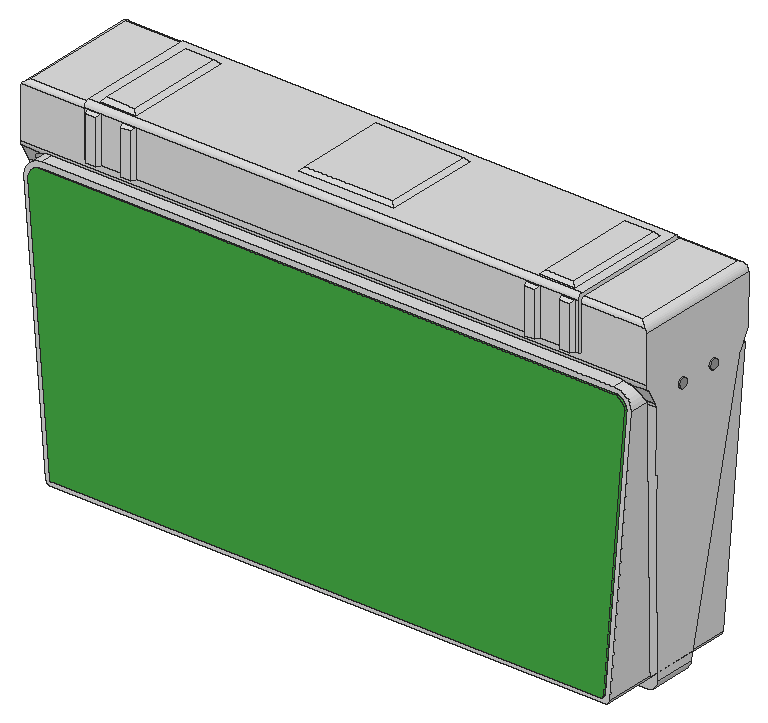
Revit family "Cleverfit Exit_R16", category Lighting Fixtures, Revit 2016
Family settings
  Part Type = Normal
  Round Connector Dimension = Use Diameter
  Work Plane-Based = Yes
  Always vertical = Yes
  Cut with Voids When Loaded = No
  Light Source = Yes
  Shared = No
  Room Calculation Point = No
Parameters (values of type "ECFLED")
  Width = 80 mm
  Wattage Comments = "Standby"
  Wattage = 1.22 W
  built-in parameter 1150110 = 1 (stored number, unit not read)
  Viewing Distance = 24000 mm
  built-in parameter 1114217 = 1 (stored number, unit not read)
  Tilt Angle = 90.00°
  Testing System = "Manual Test Switch"
  built-in parameter 1150109 = 1 (stored number, unit not read)
  built-in parameter 1150134 = 3
  built-in parameter 1150113 = 1 (stored number, unit not read)
  Single Sided = yes
  Sign Direction = Sign : Exit
  Power Consumption = 1.22 W
  Photometric Web File = "ll17785 - ECFLED-A5S Nichia NSSW157AT.ies"
  Operating Voltage = 240 V
  Operating Mode = "Maintained"
  Mounting = "Wall, Ceiling Single-Sided & Ceiling Double-Sided"
  Model = "ZCFLED"
  Manufacturer = "Clevertronics"
  built-in parameter 1150105 = 2.1262 (stored number, unit not read)
  Lumens = 26.718 lm
  built-in parameter 1150115 = 1 (stored number, unit not read)
  built-in parameter 1150137 = (empty or 0)
  built-in parameter 1150139 = (empty or 0)
  Length = 355 mm
  built-in parameter 1150112 = 1 (stored number, unit not read)
  built-in parameter 1150114 = 1 (stored number, unit not read)
  Lamp = "6 x high intensity, low energy LED, surface mounted onto a replaceable lamp bar - 100,000hour"
  built-in parameter 1150132 = (empty or 0)
  built-in parameter 1150102 = (empty or 0)
  built-in parameter 1150107 = 3200 (stored number, unit not read)
  built-in parameter 1150138 = (empty or 0)
  built-in parameter 1150106 = 0.021262 (stored number, unit not read)
  Height = 215 mm
  Emit from Circle Diameter = Length  # 355 mm
  Emit Shape Visible in Rendering = no
  built-in parameter 1150104 = 2.0346 (stored number, unit not read)
  Double Sided = yes
  Dimming Lamp Color Temperature Shift = <None>
  Diffuser = "All directional inserts included in the box"
  Description = "Theatre Cleverfit Exit"
  Default Elevation = 1219.2 mm
  Content Disclaimer = ""
  Color Filter = 16777215
  Charging Method = "Dual Rate"
  built-in parameter 1114218 = 1 (stored number, unit not read)
  Ballast = "Electronic"
  built-in parameter 1150133 = 10 (stored number, unit not read)
  Apparent Load = 1.22 W
  Annotation Direction = Exit_Annotation : Double Sided Direction Exit Luminaire
  AS2293 = "C0=E2.5  C90=E2"
Types (3, lengths in mm): name | Wattage | Testing System | Power Consumption | Photometric Web File | built-in parameter 1150105 | Lumens | built-in parameter 1150106 | built-in parameter 1150104 | Apparent Load | AS2293
  (no name) | 1.22 W | "Manual Test Switch" | 1.22 W | "ll17785 - ECFLED-A5S Nichia NSSW157AT.ies" | 2.1262 (stored number, unit not read) | 26.718 lm | 0.021262 (stored number, unit not read) | 2.0346 (stored number, unit not read) | 1.22 W | "C0=E2.5  C90=E2"
  ZCFLED | 9.2903 W | "Zoneworks Computerised Testing" | 3.8 W | "Premium Cleverfit LED Exit Zoneworks.ies" | 109.82 (stored number, unit not read) | 1380 lm | 1.0982 (stored number, unit not read) | 13.8 (stored number, unit not read) | 3.8 W | "C0=E1.6 C90=E1.6"
  ECFLED | 1.22 W | "Manual Test Switch" | 1.22 W | "ll17785 - ECFLED-A5S Nichia NSSW157AT.ies" | 2.1262 (stored number, unit not read) | 26.718 lm | 0.021262 (stored number, unit not read) | 2.0346 (stored number, unit not read) | 1.22 W | "C0=E2.5  C90=E2"
Reference planes
  plane 1 "Center (Front/Back)": y = 0
  plane 2: z = 0
  plane 3 "Center (Left/Right)": x = 0
  plane 4: y = -40
  plane 5 "Side": y = 40
  plane 6: x = -177.5
  plane 7: x = 177.5
  plane 8: z = -215
  plane 9 "Side 2": y = 36
  plane 10 "Side 3": y = -36
  plane 11: x = -172.5
  plane 12: x = 172.5
  plane 13 "Top": z = -4
  plane 14: z = -37
  plane 15: z = -2
  plane 16 "Side 5": y = -37.5
Forms (mm)
  Extrusion 1, solid, material "Plastic - Polycarbonate - White", detail levels fine
    sketch origin (0, 0, 0) x (1, 0, 0) y (0, 0, 1)
      loop
        arc (-172.558, -4) -> (-176.077, -5.448) -> (-177.558, -8.954) r 5
        arc (-177.558, -8.954) -> (-174.769, -105.065) -> (-164.656, -200.684) r 1259.541
        arc (-164.656, -200.684) -> (-162.42, -205.028) -> (-157.984, -207.073) r 7.5
        arc (-157.984, -207.073) -> (-0.003, -215) -> (157.979, -207.073) r 1578.224
        arc (157.979, -207.073) -> (162.415, -205.028) -> (164.651, -200.684) r 7.5
        arc (164.651, -200.684) -> (174.763, -105.065) -> (177.553, -8.954) r 1259.541
        arc (177.553, -8.954) -> (176.072, -5.448) -> (172.553, -4) r 5
        line (172.553, -4) -> (-172.558, -4)
      loop
        line (162.323, -37) -> (-162.329, -37)
        arc (-162.329, -37) -> (-169.475, -40.005) -> (-172.326, -47.213) r 10
        arc (-172.326, -47.213) -> (-168.352, -123.784) -> (-159.707, -199.968) r 1254.541
        arc (-159.707, -199.968) -> (-158.962, -201.416) -> (-157.483, -202.098) r 2.5
        arc (-157.483, -202.098) -> (-0.003, -210) -> (157.478, -202.098) r 1573.224
        arc (157.478, -202.098) -> (158.957, -201.416) -> (159.702, -199.968) r 2.5
        arc (159.702, -199.968) -> (168.347, -123.784) -> (172.321, -47.213) r 1254.541
        arc (172.321, -47.213) -> (169.469, -40.005) -> (162.323, -37) r 10
    from -36 to 36
  Extrusion 2, void
    sketch origin (0, 0, 0) x (0, 1, 0) y (0, 0, 1)
      loop
        line (-40, 0) -> (-40, -215) -> (-10.04, -215) -> (-29.53, -49.022)
        arc (-29.53, -49.022) -> (-29.75, -48.031) -> (-30.166, -47.105) r 5
        line (-30.166, -47.105) -> (-35.33, -38.16)
        arc (-35.33, -38.16) -> (-35.83, -36.954) -> (-36, -35.66) r 5
        line (-36, -35.66) -> (-36, -6.579)
        arc (-36, -6.579) -> (-35.268, -4.811) -> (-33.5, -4.079) r 2.5
        line (-33.5, -4.079) -> (33.5, -4.079)
        arc (33.5, -4.079) -> (35.268, -4.811) -> (36, -6.579) r 2.5
        line (36, -6.579) -> (36, -35.66)
        arc (36, -35.66) -> (35.83, -36.954) -> (35.33, -38.16) r 5
        line (35.33, -38.16) -> (30.166, -47.105)
        arc (30.166, -47.105) -> (29.75, -48.031) -> (29.53, -49.022) r 5
        line (29.53, -49.022) -> (10.04, -215) -> (40, -215) -> (40, 0) -> (-40, 0)
    from -178.606 to 178.151
  Extrusion 3, solid, material "Plastic - Polycarbonate - White", detail levels fine
    sketch origin (0, 0, 0) x (1, 0, 0) y (0, 0, 1)
      loop
        arc (-157.484, -202.093) -> (-0.003, -209.995) -> (157.477, -202.093) r 1573.224
        arc (157.477, -202.093) -> (158.956, -201.411) -> (159.701, -199.963) r 2.5
        arc (159.701, -199.963) -> (168.286, -124.5) -> (172.289, -48.656) r 1254.541
        arc (172.289, -48.656) -> (169.092, -42.133) -> (162.324, -39.495) r 10
        line (162.324, -39.495) -> (-162.331, -39.495)
        arc (-162.331, -39.495) -> (-169.099, -42.133) -> (-172.295, -48.656) r 10
        arc (-172.295, -48.656) -> (-168.293, -124.5) -> (-159.708, -199.963) r 1254.541
        arc (-159.708, -199.963) -> (-158.963, -201.411) -> (-157.484, -202.093) r 2.5
    from -40 to 40
  Extrusion 4, solid, material "Plastic - Polycarbonate - White", detail levels fine
    sketch origin (0, 0, 0) x (0, 1, 0) y (0, 0, 1)
      loop
        line (33.015, -4.079) -> (32.464, -2.023) -> (-34.5, -2.023)
        arc (-34.5, -2.023) -> (-36.621, -2.902) -> (-37.5, -5.023) r 3
        line (-37.5, -5.023) -> (-37.5, -31.217) -> (-36, -31.684) -> (-36, -6.579)
        arc (-36, -6.579) -> (-35.268, -4.811) -> (-33.5, -4.079) r 2.5
        line (-33.5, -4.079) -> (33.015, -4.079)
    from -140 to 140
  Extrusion 5, solid, material "Plastic - Polycarbonate - White", detail levels fine
    sketch origin (0, 0, 0) x (0, 1, 0) y (0, 0, 1)
      loop
        line (-29.993, -40.071) -> (30.007, -40.071) -> (30.007, -36.521) -> (-29.993, -36.521) -> (-29.993, -40.071)
    from -172.5 to 172.5
  Blend 6, solid, material "Plastic - Polycarbonate - White", detail levels fine
    base sketch origin (0, 0, 0) x (1, 0, 0) y (0, 1, 0)
      loop
        line (27.001, 27.002) -> (-26.999, 27.002) -> (-26.999, -26.998) -> (27.001, -26.998) -> (27.001, 27.002)
    top sketch origin (0, 0, 0) x (1, 0, 0) y (0, 1, 0)
      loop
        line (25, 25.004) -> (-25, 25.004) -> (-25, -24.996) -> (25, -24.996) -> (25, 25.004)
    from -2 to 0
  Blend 7, solid, material "Plastic - Polycarbonate - White", detail levels fine
    base sketch origin (0, 0.004, 0) x (1, 0, 0) y (0, 1, 0)
      loop
        line (-134.496, -33.002) -> (-114.496, -33.002) -> (-114.496, 26.998) -> (-134.496, 26.998) -> (-134.496, -33.002)
    top sketch origin (0, 0.004, 0) x (1, 0, 0) y (0, 1, 0)
      loop
        line (-132.499, -30.999) -> (-116.499, -30.999) -> (-116.499, 25.001) -> (-132.499, 25.001) -> (-132.499, -30.999)
    from -2 to 0
  Blend 8, solid, material "Plastic - Polycarbonate - White", detail levels fine
    base sketch origin (0, 0.004, 0) x (-1, 0, 0) y (0, -1, 0)
      loop
        line (-134.496, 33.002) -> (-134.496, -26.998) -> (-114.496, -26.998) -> (-114.496, 33.002) -> (-134.496, 33.002)
    top sketch origin (0, 0.004, 0) x (-1, 0, 0) y (0, -1, 0)
      loop
        line (-132.499, 30.999) -> (-132.499, -25.001) -> (-116.499, -25.001) -> (-116.499, 30.999) -> (-132.499, 30.999)
    from -2 to 0
  Extrusion 9, solid, material "Plastic - Polycarbonate - White", detail levels fine
    sketch origin (0, 0, 0) x (0, 1, 0) y (0, 0, 1)
      loop
        line (22, -29.631) -> (22, -12.131) -> (-22, -12.131) -> (-22, -29.631) -> (22, -29.631)
    from 177.5 to 177.8
  Extrusion 10, solid, material "Default", detail levels fine
    sketch origin (0, 0, 0) x (0, 1, 0) y (0, 0, 1)
      loop
        circle (-10.902, -44.731) r 2.5
      loop
        circle (10.906, -44.731) r 2.5
    from 177.5 to 178.483
  Blend 11, solid, material "Plastic - Polycarbonate - White", detail levels fine
    base sketch origin (0, 0, 0) x (1, 0, 0) y (0, 0, 1)
      loop
        line (-138.252, -5.023) -> (-138.252, -31.217) -> (-130.752, -31.217) -> (-130.752, -5.023) -> (-138.252, -5.023)
    top sketch origin (0, 0, 0) x (1, 0, 0) y (0, 0, 1)
      loop
        line (-137.249, -6.023) -> (-137.249, -31.217) -> (-131.749, -31.217) -> (-131.749, -6.023) -> (-137.249, -6.023)
    from 37.5 to 40
  Blend 12, solid, material "Plastic - Polycarbonate - White", detail levels fine
    base sketch origin (-248.998, 0, 0) x (-1, 0, 0) y (0, 0, -1)
      loop
        line (-138.252, 5.023) -> (-130.752, 5.023) -> (-130.752, 31.217) -> (-138.252, 31.217) -> (-138.252, 5.023)
    top sketch origin (-248.998, 0, 0) x (-1, 0, 0) y (0, 0, -1)
      loop
        line (-137.249, 6.023) -> (-131.749, 6.023) -> (-131.749, 31.217) -> (-137.249, 31.217) -> (-137.249, 6.023)
    from 37.5 to 40
  Blend 13, solid, material "Plastic - Polycarbonate - White", detail levels fine
    base sketch origin (0, 0, 0) x (-1, 0, 0) y (0, 0, -1)
      loop
        line (-138.252, 5.023) -> (-130.752, 5.023) -> (-130.752, 31.217) -> (-138.252, 31.217) -> (-138.252, 5.023)
    top sketch origin (0, 0, 0) x (-1, 0, 0) y (0, 0, -1)
      loop
        line (-137.249, 6.023) -> (-131.749, 6.023) -> (-131.749, 31.217) -> (-137.249, 31.217) -> (-137.249, 6.023)
    from 37.5 to 40
  Blend 14, solid, material "Plastic - Polycarbonate - White", detail levels fine
    base sketch origin (248.998, 0, 0) x (1, 0, 0) y (0, 0, 1)
      loop
        line (-138.252, -5.023) -> (-138.252, -31.217) -> (-130.752, -31.217) -> (-130.752, -5.023) -> (-138.252, -5.023)
    top sketch origin (248.998, 0, 0) x (1, 0, 0) y (0, 0, 1)
      loop
        line (-137.249, -6.023) -> (-137.249, -31.217) -> (-131.749, -31.217) -> (-131.749, -6.023) -> (-137.249, -6.023)
    from 37.5 to 40
Cuts and joins
  Extrusion 2 cuts Extrusion 1
  joined: Extrusion 1, Extrusion 5
Lines and regions (mm)
  model lines, detail levels fine
    curve 1: circle (-160.221, 0.011, -4) r 5 normal (0, 0, 1)
    curve 2: circle (160.215, 0.011, -4) r 5 normal (0, 0, -1)
    curve 3: circle (0.001, 0.002, 0) r 10 normal (0, 0, 1)
    curve 4: circle (-124.499, 17.004, 0) r 2 normal (0, 0, 1)
    curve 5: circle (-124.499, -22.996, 0) r 2 normal (0, 0, -1)
    curve 6: circle (124.501, 17.004, 0) r 2 normal (0, 0, -1)
    curve 7: circle (124.501, -22.996, 0) r 2 normal (0, 0, 1)
    curve 8: line (-13.685, 18.638, 0) -> (-18.635, 13.689, 0)
    curve 9: line (-16.514, 21.467, 0) -> (-21.464, 16.517, 0)
    curve 10: arc (-21.464, 16.517, 0) -> (-21.464, 13.689, 0) -> (-18.635, 13.689, 0) r 2
    curve 11: arc (-16.514, 21.467, 0) -> (-13.685, 21.467, 0) -> (-13.685, 18.638, 0) r 2
    curve 12: line (13.687, 18.638, 0) -> (18.637, 13.689, 0)
    curve 13: line (16.516, 21.467, 0) -> (21.465, 16.517, 0)
    curve 14: arc (21.465, 16.517, 0) -> (21.465, 13.689, 0) -> (18.637, 13.689, 0) r 2
    curve 15: arc (16.516, 21.467, 0) -> (13.687, 21.467, 0) -> (13.687, 18.638, 0) r 2
    curve 16: line (-13.685, -18.634, 0) -> (-18.635, -13.684, 0)
    curve 17: line (-16.514, -21.462, 0) -> (-21.464, -16.512, 0)
    curve 18: arc (-21.464, -16.512, 0) -> (-21.464, -13.684, 0) -> (-18.635, -13.684, 0) r 2
    curve 19: arc (-16.514, -21.462, 0) -> (-13.685, -21.462, 0) -> (-13.685, -18.634, 0) r 2
    curve 20: line (13.687, -18.634, 0) -> (18.637, -13.684, 0)
    curve 21: line (16.516, -21.462, 0) -> (21.465, -16.512, 0)
    curve 22: arc (21.465, -16.512, 0) -> (21.465, -13.684, 0) -> (18.637, -13.684, 0) r 2
    curve 23: arc (16.516, -21.462, 0) -> (13.687, -21.462, 0) -> (13.687, -18.634, 0) r 2
    curve 24: line (19.561, 11.164, 0) -> (17.061, 11.164, 0)
    curve 25: line (19.561, 11.164, 0) -> (19.561, 0.002, 0)
    curve 26: line (19.561, 0.002, 0) -> (17.061, 0.002, 0)
    curve 27: line (17.061, 11.164, 0) -> (17.061, 0.002, 0)
    curve 28: line (-10.003, -37.5, -31.2) -> (9.997, -37.5, -31.2)
    curve 29: line (9.997, -37.5, -31.2) -> (9.997, -37.5, -21.2)
    curve 30: line (-10.003, -37.5, -31.2) -> (-10.003, -37.5, -21.2)
    curve 31: arc (9.997, -37.5, -21.2) -> (-0.003, -37.5, -11.2) -> (-10.003, -37.5, -21.2) r 10
    curve 32: circle (0.001, 36, -17.756) r 6 normal (0, 1, 0)
    curve 33: circle (0.001, 36, -17.756) r 2.5 normal (0, 1, 0)
Dimensions and locks
  "Width": plane 5 "Side" to plane 4
  equal spacing: plane 5 "Side", plane 1 "Center (Front/Back)", plane 4
  equal spacing: plane 6, plane 3 "Center (Left/Right)", plane 7
  "Length": plane 6 to plane 7
  "Height": plane 8 to level
  aligned and locked: plane 3 "Center (Left/Right)" to nested 1
  aligned and locked: plane 1 "Center (Front/Back)" to nested 1
  aligned and locked: imposter light to plane 8
Automatic sketch dimensions
  curve 4 to plane 1 "Center (Front/Back)" = 17.004 mm
  plane 11 to curve 4 = 48.001 mm
  curve 5 to plane 10 "Side 3" = 13.004 mm
  curve 5 to curve 4 = 0 mm
  curve 18 to plane 3 "Center (Left/Right)" = 21.464 mm
  curve 9 to plane 3 "Center (Left/Right)" = 21.464 mm
  curve 17 to curve 18 = 1.414 mm  (x2)
  curve 10 to curve 10 = 1.414 mm
  curve 18 to curve 18 = 1.414 mm
  curve 10 to curve 8 = 1.414 mm
  curve 9 to curve 9 = 4.95 mm
  curve 17 to curve 19 = 4.95 mm
  curve 11 to curve 11 = 1.414 mm  (x2)
  curve 17 to curve 19 = 1.414 mm  (x2)
  curve 19 to curve 19 = 1.414 mm
  plane 3 "Center (Left/Right)" to curve 3 = 0.001 mm
  plane 3 "Center (Left/Right)" to curve 15 = 13.687 mm
  plane 3 "Center (Left/Right)" to curve 20 = 13.687 mm
  curve 23 to curve 23 = 1.414 mm  (x2)
  curve 15 to curve 15 = 1.414 mm  (x3)
  curve 27 to plane 1 "Center (Front/Back)" = 0.002 mm
  curve 3 to curve 27 = 17.06 mm
  curve 24 to curve 14 = 1.576 mm
  curve 23 to curve 22 = 4.95 mm
  curve 24 to curve 25 = 2.5 mm
  curve 14 to curve 14 = 1.414 mm  (x3)
  curve 20 to curve 22 = 1.414 mm
  curve 22 to curve 22 = 1.414 mm
  curve 6 to plane 1 "Center (Front/Back)" = 17.004 mm
  plane 12 to curve 6 = 47.999 mm
  curve 7 to plane 10 "Side 3" = 13.004 mm
  curve 7 to curve 6 = 0 mm
  curve 17 to plane 10 "Side 3" = 14.538 mm
  curve 23 to plane 10 "Side 3" = 14.538 mm
  curve 21 to curve 23 = 1.414 mm
  curve 21 to curve 21 = 4.95 mm
  curve 17 to curve 17 = 4.95 mm
  curve 21 to curve 22 = 1.414 mm
  curve 3 to plane 1 "Center (Front/Back)" = 0.002 mm
  curve 25 to curve 25 = 11.162 mm
  curve 24 to curve 14 = 2.525 mm
  curve 8 to plane 1 "Center (Front/Back)" = 13.689 mm
  curve 8 to curve 10 = 1.414 mm
  curve 14 to curve 12 = 4.95 mm
  curve 8 to curve 11 = 4.95 mm
  curve 8 to curve 11 = 1.414 mm
  Extrusion 1 sketch curve to Extrusion 1 sketch curve = 0 mm  (x20)
  Extrusion 1 sketch curve to plane 13 "Top" = 16.5 mm
  Extrusion 1 sketch curve to plane 6 = 904.436 mm
  Extrusion 1 sketch curve to plane 6 = 0.058 mm
  plane 13 "Top" to Extrusion 1 sketch curve = 0 mm
  Extrusion 1 sketch curve to plane 11 = 0.058 mm
  plane 11 to Extrusion 1 sketch curve = 0.174 mm
  plane 11 to Extrusion 1 sketch curve = 7.844 mm
  Extrusion 1 sketch curve to Extrusion 1 sketch curve = 9.998 mm
  Extrusion 1 sketch curve to Extrusion 1 sketch curve = 4.949 mm
  Extrusion 1 sketch curve to Extrusion 1 sketch curve = 1.724 mm
  Extrusion 1 sketch curve to Extrusion 1 sketch curve = 2.224 mm
  Extrusion 1 sketch curve to plane 3 "Center (Left/Right)" = 0.003 mm
  plane 12 to Extrusion 1 sketch curve = 15.272 mm
  Extrusion 1 sketch curve to Extrusion 1 sketch curve = 0.25 mm
  Extrusion 1 sketch curve to Extrusion 1 sketch curve = 2.474 mm
  plane 14 to Extrusion 1 sketch curve = 0 mm
  plane 12 to Extrusion 1 sketch curve = 10.177 mm
  plane 12 to Extrusion 1 sketch curve = 0.179 mm
  Extrusion 1 sketch curve to plane 12 = 0.053 mm
  Extrusion 1 sketch curve to plane 7 = 0.053 mm
  Extrusion 2 sketch curve to plane 4 = 0 mm
  Extrusion 2 sketch curve to plane 10 "Side 3" = 0 mm
  plane 8 to Extrusion 2 sketch curve = 0 mm  (x2)
  Extrusion 2 sketch curve to plane 9 "Side 2" = 0 mm
  Extrusion 2 sketch curve to plane 5 "Side" = 0 mm
  Extrusion 2 sketch curve to level = 0 mm
  Extrusion 2 sketch curve to plane 10 "Side 3" = 0.67 mm
  Extrusion 2 sketch curve to plane 10 "Side 3" = 1.504 mm
  Extrusion 2 sketch curve to plane 13 "Top" = 0.079 mm
  Extrusion 2 sketch curve to plane 10 "Side 3" = 2.5 mm
  plane 14 to Extrusion 2 sketch curve = 1.34 mm  (x2)
  Extrusion 2 sketch curve to Extrusion 2 sketch curve = 4.33 mm  (x2)
  Extrusion 2 sketch curve to Extrusion 2 sketch curve = 0.636 mm  (x2)
  plane 1 "Center (Front/Back)" to Extrusion 2 sketch curve = 10.04 mm
  Extrusion 2 sketch curve to plane 1 "Center (Front/Back)" = 10.04 mm
  Extrusion 2 sketch curve to plane 9 "Side 2" = 6.47 mm
  Extrusion 2 sketch curve to Extrusion 2 sketch curve = 5 mm
  Extrusion 2 sketch curve to plane 9 "Side 2" = 2.5 mm
  Extrusion 2 sketch curve to plane 9 "Side 2" = 1.504 mm
  Extrusion 2 sketch curve to plane 9 "Side 2" = 0.67 mm
  Extrusion 2 sketch curve to Extrusion 2 sketch curve = 11.445 mm  (x2)
  Extrusion 2 sketch curve to Extrusion 2 sketch curve = 0.583 mm  (x2)
  Extrusion 3 sketch curve to plane 13 "Top" = 16.495 mm  (x2)
  Extrusion 3 sketch curve to plane 6 = 904.437 mm
  plane 11 to Extrusion 3 sketch curve = 0.205 mm
  Extrusion 3 sketch curve to plane 14 = 2.495 mm
  plane 11 to Extrusion 3 sketch curve = 10.169 mm
  plane 11 to Extrusion 3 sketch curve = 12.792 mm
  Extrusion 3 sketch curve to Extrusion 3 sketch curve = 0 mm  (x4)
  Extrusion 3 sketch curve to Extrusion 3 sketch curve = 2.224 mm
  Extrusion 3 sketch curve to Extrusion 3 sketch curve = 2.474 mm  (x2)
  Extrusion 3 sketch curve to plane 3 "Center (Left/Right)" = 0.003 mm
  plane 12 to Extrusion 3 sketch curve = 15.273 mm
  Extrusion 3 sketch curve to Extrusion 3 sketch curve = 0.25 mm
  plane 12 to Extrusion 3 sketch curve = 10.176 mm
  plane 12 to Extrusion 3 sketch curve = 0.211 mm
  Extrusion 3 sketch curve to plane 14 = 11.656 mm
  Extrusion 4 sketch curve to plane 16 "Side 5" = 0 mm
  Extrusion 4 sketch curve to plane 10 "Side 3" = 0 mm
  Extrusion 4 sketch curve to plane 15 = 0.023 mm
  Extrusion 4 sketch curve to plane 10 "Side 3" = 1.5 mm
  Extrusion 4 sketch curve to plane 13 "Top" = 0.079 mm
  Extrusion 4 sketch curve to Extrusion 4 sketch curve = 1 mm
  Extrusion 4 sketch curve to plane 9 "Side 2" = 3.536 mm
  Extrusion 4 sketch curve to Extrusion 4 sketch curve = 0.551 mm
  plane 14 to Extrusion 4 sketch curve = 5.783 mm
  Extrusion 4 sketch curve to Extrusion 4 sketch curve = 0.467 mm
  plane 14 to Extrusion 5 sketch curve = 0.479 mm
  Extrusion 5 sketch curve to plane 10 "Side 3" = 6.007 mm
  Extrusion 5 sketch curve to plane 9 "Side 2" = 5.993 mm
  Extrusion 5 sketch curve to plane 14 = 3.071 mm
  Blend 6 sketch curve to plane 9 "Side 2" = 8.998 mm
  Blend 6 sketch curve to plane 3 "Center (Left/Right)" = 26.999 mm
  Blend 6 sketch curve to plane 10 "Side 3" = 9.002 mm
  plane 3 "Center (Left/Right)" to Blend 6 sketch curve = 27.001 mm
  Blend 6 sketch curve to plane 9 "Side 2" = 10.996 mm
  Blend 6 sketch curve to plane 3 "Center (Left/Right)" = 25 mm
  Blend 6 sketch curve to plane 10 "Side 3" = 11.004 mm
  plane 3 "Center (Left/Right)" to Blend 6 sketch curve = 25 mm
  Blend 7 sketch curve to plane 9 "Side 2" = 8.998 mm
  plane 11 to Blend 7 sketch curve = 38.004 mm
  Blend 7 sketch curve to plane 10 "Side 3" = 3.002 mm
  Blend 7 sketch curve to Blend 7 sketch curve = 20 mm
  Blend 7 sketch curve to plane 9 "Side 2" = 10.996 mm
  plane 11 to Blend 7 sketch curve = 40.001 mm
  Blend 7 sketch curve to plane 10 "Side 3" = 5.004 mm
  Blend 7 sketch curve to Blend 7 sketch curve = 16 mm
  plane 9 "Side 2" to Blend 8 sketch curve = 8.998 mm
  Blend 8 sketch curve to plane 12 = 38.004 mm
  plane 10 "Side 3" to Blend 8 sketch curve = 3.002 mm
  Blend 8 sketch curve to Blend 8 sketch curve = 20 mm
  plane 9 "Side 2" to Blend 8 sketch curve = 10.996 mm
  Blend 8 sketch curve to plane 12 = 40.001 mm
  plane 10 "Side 3" to Blend 8 sketch curve = 5.004 mm
  Blend 8 sketch curve to Blend 8 sketch curve = 16 mm
  Extrusion 9 sketch curve to plane 10 "Side 3" = 14 mm
  Extrusion 9 sketch curve to plane 9 "Side 2" = 14 mm
  plane 14 to Extrusion 9 sketch curve = 7.369 mm
  Extrusion 9 sketch curve to plane 13 "Top" = 8.131 mm
  curve 2 to plane 1 "Center (Front/Back)" = 0.011 mm
  plane 12 to curve 2 = 12.285 mm
  curve 1 to plane 1 "Center (Front/Back)" = 0.011 mm
  plane 11 to curve 1 = 12.279 mm
  plane 1 "Center (Front/Back)" to Extrusion 10 sketch curve = 10.902 mm
  Extrusion 10 sketch curve to plane 1 "Center (Front/Back)" = 10.906 mm
  Extrusion 10 sketch curve to plane 14 = 7.731 mm  (x2)
  curve 32 to curve 33 = 0 mm  (x2)
  plane 3 "Center (Left/Right)" to curve 33 = 0.001 mm
  curve 33 to plane 13 "Top" = 13.756 mm
  plane 14 to Blend 11 sketch curve = 5.783 mm  (x2)
  plane 11 to Blend 11 sketch curve = 34.248 mm
  Blend 11 sketch curve to Blend 11 sketch curve = 7.5 mm
  Blend 11 sketch curve to plane 13 "Top" = 1.023 mm
  plane 11 to Blend 11 sketch curve = 35.251 mm
  Blend 11 sketch curve to Blend 11 sketch curve = 5.5 mm
  Blend 11 sketch curve to plane 13 "Top" = 2.023 mm
  plane 3 "Center (Left/Right)" to curve 28 = 10.003 mm
  plane 3 "Center (Left/Right)" to curve 31 = 0.003 mm
  curve 28 to plane 14 = 5.8 mm
  curve 28 to curve 30 = 10 mm
  Blend 12 sketch curve to plane 14 = 5.783 mm  (x2)
  Blend 12 sketch curve to plane 11 = 61.754 mm
  Blend 12 sketch curve to Blend 12 sketch curve = 7.5 mm
  plane 13 "Top" to Blend 12 sketch curve = 1.023 mm
  Blend 12 sketch curve to plane 11 = 60.75 mm
  Blend 12 sketch curve to Blend 12 sketch curve = 5.5 mm
  plane 13 "Top" to Blend 12 sketch curve = 2.023 mm
  Blend 13 sketch curve to plane 14 = 5.783 mm  (x2)
  Blend 13 sketch curve to plane 12 = 34.248 mm
  Blend 13 sketch curve to Blend 13 sketch curve = 7.5 mm
  plane 13 "Top" to Blend 13 sketch curve = 1.023 mm
  Blend 13 sketch curve to plane 12 = 35.251 mm
  Blend 13 sketch curve to Blend 13 sketch curve = 5.5 mm
  plane 13 "Top" to Blend 13 sketch curve = 2.023 mm
  plane 14 to Blend 14 sketch curve = 5.783 mm  (x2)
  plane 12 to Blend 14 sketch curve = 61.754 mm
  Blend 14 sketch curve to Blend 14 sketch curve = 7.5 mm
  Blend 14 sketch curve to plane 13 "Top" = 1.023 mm
  plane 12 to Blend 14 sketch curve = 60.75 mm
  Blend 14 sketch curve to Blend 14 sketch curve = 5.5 mm
  Blend 14 sketch curve to plane 13 "Top" = 2.023 mm
  radius of curve 3 = 10 mm
  radius of curve 4 = 2 mm
  radius of curve 5 = 2 mm
  radius of curve 6 = 2 mm
  radius of curve 7 = 2 mm
  radius of curve 1 = 5 mm
  radius of curve 2 = 5 mm
  radius of Extrusion 10 sketch curve = 2.5 mm  (x2)
  radius of curve 32 = 6 mm
  radius of curve 33 = 2.5 mm
Nested families
  nested 1: "Exit_Annotation" at (0, 0, 0), type <- "Annotation Direction", type "Double Sided Direction Exit Luminaire", detail levels coarse+medium
    with Single Sided no, Double Sided Direction yes
  nested 2: "Sign" at (0, -40, -124.446) x (-1, 0, 0) z (0, -1, 0), type "Exit", detail levels fine
  nested 3: "Sign" at (0, 40, -124.446) x (-1, 0, 0) z (0, 1, 0), type "Exit", detail levels fine
Connectors
  electrical at (0, 0, 0), driven by "Apparent Load", driven by "Operating Voltage"
    settings: index 1, voltage 240 V, apparent load 0 W, apparent load phase1 1.22 W, apparent load phase2 0 W, apparent load phase3 0 W, power factor 1, load classification "Lighting", number of poles 1, system type 31, power factor state 1, is connector primary yes, connector utility no, sub classification motor no, connector description ""
Definition of nested family "Sign"
  Parameters
    Default Elevation = 1219.2 mm
    Assembly Code = ""
  Reference planes
    plane 1 "Center (Front/Back)": y = 0
    plane 2: z = 0
    plane 3 "Center (Left/Right)": x = 0
  Forms (mm)
    Extrusion 1, solid
      sketch origin (0, 0, 0) x (1, 0, 0) y (0, 1, 0)
        loop
          line (-1219.2, 1219.2) -> (-1219.2, -1219.2) -> (1219.2, -1219.2) -> (1219.2, 1219.2) -> (-1219.2, 1219.2)
      from 0 to -304.8
    Extrusion 2, solid
      sketch origin (0, 0, 0) x (1, 0, 0) y (0, 1, 0)
        loop
          arc (155.623, 74.764) -> (0, 82.494) -> (-155.623, 74.764) r 1570.224
          arc (-155.623, 74.764) -> (-156.511, 74.354) -> (-156.959, 73.484) r 1.5
          arc (-156.959, 73.484) -> (-165.357, -0.942) -> (-169.289, -75.738) r 1251.541
          arc (-169.289, -75.738) -> (-167.011, -80.208) -> (-162.327, -82.006) r 7
          line (-162.327, -82.006) -> (162.327, -82.006)
          arc (162.327, -82.006) -> (167.011, -80.208) -> (169.289, -75.738) r 7
          arc (169.289, -75.738) -> (165.357, -0.942) -> (156.959, 73.484) r 1251.541
          arc (156.959, 73.484) -> (156.511, 74.354) -> (155.623, 74.764) r 1.5
      from 0 to 1
  Dimensions and locks
    aligned and locked: plane 2 to Extrusion 1
    aligned and locked: level to Extrusion 1
Definition of nested family "Exit_Annotation"
  Parameters
    Single Sided Direction = no
    Single Sided = yes
    Double Sided Direction = no
    Double Sided = no
  Reference planes
    plane 1: y = 0
    plane 2: x = 0
  Lines and regions (mm)
    Filled region 1, type "Filled region 1", visible <- "Double Sided Direction"
      outline origin (0, 0, 0) x (1, 0, 0) y (0, 1, 0)
        loop
          line (-0.7, 2.8) -> (-2.5, 2) -> (-0.7, 2) -> (-0.7, 2.8)
    Filled region 2, type "Filled region 1", visible <- "Double Sided Direction"
      outline origin (0, 0, 0) x (0, -1, 0) y (1, 0, 0)
        loop
          line (2.8, -0.7) -> (2, -0.7) -> (2, -2.5) -> (2.8, -0.7)
    Filled region 3, type "Filled region 1", visible <- "Single Sided Direction"
      outline origin (0, 0, 0) x (0, -1, 0) y (1, 0, 0)
        loop
          line (2.8, -0.7) -> (2, -0.7) -> (2, -2.5) -> (2.8, -0.7)
    detail lines
      curve 1: line (2.5, 1.5, 0) -> (-2.5, 1.5, 0)
      curve 2: line (-2.5, 1.5, 0) -> (-2.5, -1.5, 0)
      curve 3: line (-2.5, -1.5, 0) -> (2.5, -1.5, 0)
      curve 4: line (2.5, 1.5, 0) -> (2.5, -1.5, 0)
      curve 6: line (2.5, -2, 0) -> (-2.5, -2, 0)
    detail lines, visible <- "Double Sided"
      curve 5: line (2.5, 2, 0) -> (-2.5, 2, 0)
    detail lines, visible <- "Double Sided Direction"
      curve 7: line (2.5, 2, 0) -> (-2.5, 2, 0)
  Text (mm)
    text "EXIT" at (-2.237, 2.02, 0)
